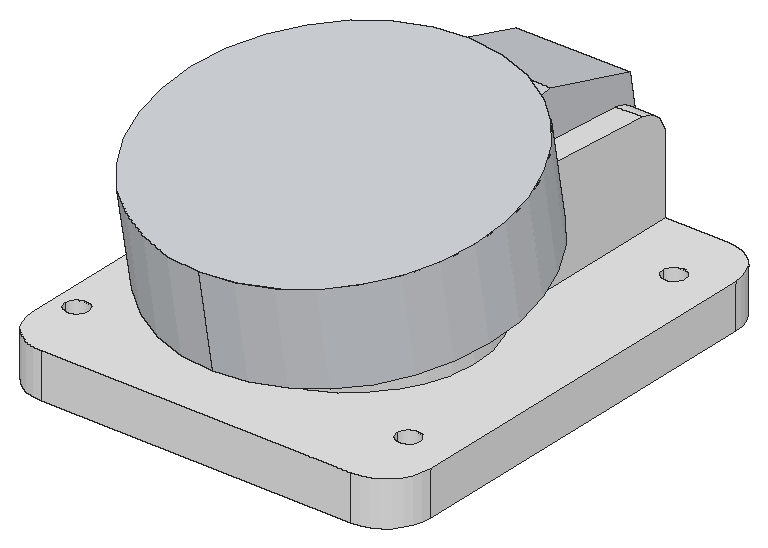
Revit family "Building-ConnessioniIEC309-GEWISS-IEC309HP-PRESA_FISSA_INC_10°_16A_RID", category Apparecchi elettrici, host Superficie, Revit 2019
Family settings
  Host = Superficie
  Mantenere orientamento annotazione = Sì
  Quota connettore circolare = Usa diametro
  Tipo di parte = Normale
  Taglio con vuoti quando caricato = No
  Condiviso = No
  Punto di calcolo locali = Sì
Parameters (values of type "GW62204 - PRESA FISSA 10°INC.PR.2P+T 16A 230V 6H")
  simbolo acceso [instance] = yes
  distanza_simbolo [instance] = 1 mm
  distanza dal piano [instance] = 0 mm
  W = 115 mm  # constant formula
  Voltaggio = 0 V
  Versione file RFA = "21.11"
  URL = "https://www.gewiss.com/it/it"
  Tipologia = "Presa fissa da incasso 10°"
  Tipo Cablaggio = "A vite"
  Termopressione con biglia = "125 °C (Parti attive) - 80 °C (Parti passive)"
  Tensione nominale = "200-250V"
  Temperatura di utilizzo = "-25 +55 °C"
  Spostamento_effettivo_S [instance] = 4000 mm - Spostamento_S  # 3037.5 mm
  Spostamento_S = 962.5 mm
  Sportello_visibile = yes
  Sovraccarico ammissibile = "22A"
  Scheda Tecnica = "https://www.gewiss.com/it/it/search?q=GW62204"
  SPinotto = Default(2)
  SEO = "Presa"
  Riferimento h = "6"
  Resistenza di isolamento = "- 10 M?"
  Resistenza agli urti = "IK08"
  Default Elevation = 1219.2 mm
  Produttore = "GEWISS S.p.A."
  Potere d'interruzione a 1,1 Un = "20A"
  Piastra = Default(2)
  N.poli = 1
  N. poli = "2P+T"
  N. Manovre complessive = "-5000"
  Modello = "GW62204"
  L = 155 mm  # constant formula
  Immagine tipo = (empty or 0)
  IDT = "114b7d9d6d3d4d5c9f204bb7cf775f6c"
  IDF = "afc5be4d-2556-46b5-bc72-00a0011131b5"
  Grado di protezione = "IP44/IP54"
  Glow wire test: = "850 °C (Parti attive) - 650 °C (Parti passive)"
  Frequenza = "50/60 Hz"
  FORMULA = 1000 mm * 1  # 1000 mm
  Dimensioni flangia (mm) = "62x62"
  Descrizione = "PRESA FISSA 10°INC.PR.2P+T 16A 230V 6H"
  Creato da GEWISS S.p.A. = ""
  Corrente nominale (A) = "16"
  Corpo centrale = Default(2)
  Colore: = "Blu"
  Codice Electrocod = "2210"
  Catalogo = "BUILDING"
  CapacitÃ  serraggio morsetti = "1-2,5 mm² cavi flessibili - 1,5-4 mm² cavi rigidi"
  COBie.Tagnumber = ""
  COBie.CreatedOn = ""
  COBie.CreatebBy = ""
  COBie.ComponentRegisterItemID = ""
  COBie.Component.TagNumber = ""
  COBie.Component.Space = ""
  COBie.Component.SerialNumber = ""
  COBie.Component.InstallationDate = ""
  COBie.Component.Description = ""
  COBie.Component.BarCode = ""
  BLOCCO = "B=C"
Reference planes
  plane 1 "Centro (Fronte/Retro)": y = 0
  plane 2: z = 0
  plane 3 "Centro (Sinistra/Destra)": x = 0
  plane 4: x = -3000
  plane 5: x = 37.5
  plane 6: z = 0
Dimensions and locks
  plane 4 to plane 3 "Centro (Sinistra/Destra)" = 3000 mm
  "Spostamento_effettivo_S": plane 4 to plane 5
  "distanza dal piano": plane 6 to plane 2
  aligned and locked: plane 2 to host face
  aligned and locked: level to host face
  aligned and locked: plane 3 "Centro (Sinistra/Destra)" to nested 1
  aligned and locked: plane 1 "Centro (Fronte/Retro)" to nested 1
  aligned and locked: nested 2 to plane 5
Automatic sketch dimensions
  host sketch curve to host sketch curve = 2438.4 mm  (x2)
Nested families
  nested 1: "IEC309 PRESA FISSA INCASSO 10' 16A RID_base" at (0, 0, 0), type "IEC309 PRESA FISSA INCASSO 10' 16A RID_base"
  nested 2: "GWGW62201FH - SIMBOLO_PRESA" at (37.5, 171.559, 0), visible <- "simbolo acceso", Distanza dal muro <- "distanza_simbolo", type "3P"
    with SIMBOLO ACCESO yes, Distanza dal muro 1 mm
Connectors
  electrical at (37.5, 30, 0), driven by "N.poli", driven by "Voltaggio"
    settings: on nested 1, index 1, voltage 0 V, apparent load 0 VA, apparent load phase1 0 VA, apparent load phase2 0 VA, apparent load phase3 0 VA, power factor 1, load classification "Altro", number of poles 1, system type 31, power factor state 1, is connector primary yes, connector utility no, sub classification motor no, connector description ""
Definition of nested family "IEC309 PRESA FISSA INCASSO 10' 16A RID_base"
  Parameters (values of type "IEC309 PRESA FISSA INCASSO 10' 16A RID_base")
    sp_ghiera = 16 mm
    h = 85 mm  # constant formula
    dis_base = 71 mm
    Sportello = yes
    Spinotto = none
    R1 = 22 mm  # constant formula
    PIASTRA = none
    Lunghezza totale = 140 mm
    CENTRALE = none
    Bsae = 72 mm  # constant formula
  Reference planes
    plane 1 "Centro (Fronte/Retro)": y = 0
    plane 2: z = 0
    plane 3 "Centro (Sinistra/Destra)": x = 0
    plane 4: x = 72
    plane 5: x = 4
    plane 6: y = 13
    plane 7: x = 64
    plane 8: y = 73
    plane 9: y = 85
    plane 10: y = 36.5
    plane 11: x = 36
    plane 12: z = 8.057
    plane 13: y = 29
    plane 14: z = 23.239
    plane 15: through (37.5, 29, 1200) normal (-0.766, -0.6428, 0)
    plane 16: through (37.5, 29, 1200) normal (-0.766, 0.6428, 0)
  Forms (mm)
    Extrusion 1, solid, material <- "PIASTRA"
      sketch origin (0, 0, 0) x (1, 0, 0) y (0, 1, 0)
        loop
          arc (8, 85) -> (2.343, 82.657) -> (0, 77) r 8
          line (0, 77) -> (0, 8)
          arc (0, 8) -> (2.343, 2.343) -> (8, 0) r 8
          line (8, 0) -> (64, 0)
          arc (64, 0) -> (69.657, 2.343) -> (72, 8) r 8
          line (72, 8) -> (72, 77)
          arc (72, 77) -> (69.657, 82.657) -> (64, 85) r 8
          line (64, 85) -> (8, 85)
      from 0 to 8.057
    Sweep 2, solid, material <- "PIASTRA"
      path origin (0, 0, 0) x (0, 1, 0) y (0, 0, 1)
        loop
          line (34.307, 18.553) -> (36.569, 6.116)
      profile origin (0, 35.438, 12.334) x (0, 0.983865, 0.17891) y (1, 0, 0)
        loop
          circle (-0.621, 36) r 22
    Extrusion 3, solid, material <- "PIASTRA"
      sketch origin (0, 11.875, 0) x (1, 0, 0) y (0, 1, 0)
        loop
          spline (47.772, 47.955) -> (48.225, 47.698) -> (48.672, 47.433) -> (49.113, 47.158) -> (49.548, 46.874) -> (49.976, 46.582) -> (50.398, 46.281) -> (50.812, 45.972) -> (51.219, 45.654) -> (51.619, 45.329) -> (52.011, 44.995) -> (52.395, 44.654) -> (52.772, 44.305)
          line (52.772, 44.305) -> (52.772, 73) -> (47.772, 73) -> (47.772, 47.955)
      from 8.057 to 31.758
    Extrusion 4, void
      sketch origin (0, 11.875, 0) x (0, 1, 0) y (0, 0, 1)
        loop
          line (73, 31.758) -> (44.305, 31.758) -> (44.305, 28.134) -> (68.064, 26.588)
          arc (68.064, 26.588) -> (71.251, 25.281) -> (73, 22.313) r 5.4
          line (73, 22.313) -> (73, 31.758)
      from 47.772 to 52.772
    Extrusion 5, solid, material <- "PIASTRA"
      sketch origin (75, 11.875, 0) x (-1, 0, 0) y (0, -1, 0)
        loop
          line (49.272, -48.02) -> (49.272, -73) -> (54.272, -73) -> (54.272, -43.697)
          spline (54.272, -43.697) -> (53.906, -44.109) -> (53.53, -44.514) -> (53.145, -44.909) -> (52.749, -45.294) -> (52.345, -45.671) -> (51.931, -46.037) -> (51.509, -46.394) -> (51.077, -46.74) -> (50.638, -47.076) -> (50.19, -47.402) -> (49.735, -47.716) -> (49.272, -48.02)
      from 8.057 to 28.109
    Extrusion 6, void
      sketch origin (75, 11.875, 0) x (0, 1, 0) y (0, 0, -1)
        loop
          line (73, -31.758) -> (73, -19.567)
          arc (73, -19.567) -> (71.497, -23.176) -> (67.952, -24.825) r 5.4
          line (67.952, -24.825) -> (38, -26.775) -> (38, -31.758) -> (73, -31.758)
      from 39.92 to 54.884
    Sweep 7, void
      path origin (0, 0.625, 0) x (0, 1, 0) y (0, 0, 1)
        loop
          line (18.381, 21.548) -> (20.759, 8.057)
      profile origin (0, 20.195, 14.803) x (0, 0.984809, 0.173644) y (1, 0, 0)
        loop
          circle (-1.772, 37.608) r 5
        loop
          circle (10.516, 29.004) r 5
        loop
          circle (10.516, 45.996) r 5
    Sweep 8, solid, visible <- "Sportello"
      path origin (0, 4.703, 0.42) x (0, 0.999986, 0.005351) y (0, -0.005351, 0.999986)
        loop
          line (29.196, 35.942) -> (32.283, 18.43)
      profile origin (0, 35.296, 27.77) x (0, 0.983865, 0.17891) y (1, 0, 0)
        loop
          circle (-2.622, 36) r 31
    Extrusion 9, solid, visible <- "Sportello"
      sketch origin (0, 11.875, -1.562) x (0, 1, 0) y (0, 0, 1)
        loop
          line (46.739, 26.216) -> (68.431, 24.804)
          arc (68.431, 24.804) -> (71.22, 23.59) -> (73.002, 21.123) r 5.761
          arc (73.002, 21.123) -> (73.116, 22.165) -> (73.026, 23.208) r 5.4
          line (73.026, 23.208) -> (71.359, 32.236) -> (53.64, 37.49) -> (45.019, 35.97) -> (46.739, 26.216)
      from 27.228 to 47.772
    Extrusion 10, void
      sketch origin (0, 0, 0) x (1, 0, 0) y (0, 1, 0)
        loop
          circle (4, 73) r 2.072
        loop
          circle (64, 73) r 2.072
        loop
          circle (4, 13) r 2.072
        loop
          circle (64, 13) r 2.072
      from 0 to 8.057
  Cuts and joins
    Sweep 7, Extrusion 10 cuts Extrusion 1
    Sweep 7, Extrusion 10 cuts Sweep 2
    joined: Extrusion 1, Sweep 2
    Extrusion 4, Extrusion 6 cuts Extrusion 3
    Extrusion 6 cuts Extrusion 5
  Dimensions and locks
    "Bsae": plane 3 "Centro (Sinistra/Destra)" to plane 4
    locked: plane 7 to plane 4 at 8
    "h": plane 1 "Centro (Fronte/Retro)" to plane 9
    equal spacing: plane 1 "Centro (Fronte/Retro)", plane 10, plane 8
    equal spacing: plane 3 "Centro (Sinistra/Destra)", plane 11, plane 4
    locked: plane 5 to plane 7 at 60
    locked: plane 8 to plane 6 at 60
    locked: plane 12 to level at 8.057
    plane 1 "Centro (Fronte/Retro)" to plane 13 = 29 mm
    plane 14 to plane 12 = 15.181 mm
    radius of Extrusion 1 sketch curve = 8 mm  (x4)
    "R1": radius of Sweep 2 sketch curve
    aligned and locked: level to plane 2
    aligned and locked: plane 9 to Extrusion 1
    aligned and locked: Extrusion 1 to plane 3 "Centro (Sinistra/Destra)"
    aligned and locked: plane 1 "Centro (Fronte/Retro)" to Extrusion 1
    aligned and locked: Extrusion 1 to plane 4
    aligned and locked: plane 12 to Extrusion 1
    aligned and locked: Extrusion 3 to plane 12
    aligned and locked: Extrusion 4 sketch curve to Extrusion 3  (x2)
    aligned and locked: Extrusion 4 to Extrusion 3  (x2)
    aligned and locked: plane 5 to Extrusion 10 sketch curve  (x2)
    aligned and locked: plane 8 to Extrusion 10 sketch curve  (x2)
    aligned and locked: plane 7 to Extrusion 10 sketch curve  (x2)
    aligned and locked: plane 6 to Extrusion 10 sketch curve  (x2)
    aligned and locked: Extrusion 1 to Extrusion 10
    aligned and locked: plane 11 to Sweep 8 sketch curve
    aligned and locked: plane 11 to Sweep 2 sketch curve
  Automatic sketch dimensions
    Extrusion 1 sketch curve to plane 3 "Centro (Sinistra/Destra)" = 0 mm
    Extrusion 1 sketch curve to plane 7 = 0 mm
    plane 1 "Centro (Fronte/Retro)" to Extrusion 1 sketch curve = 0 mm
    Extrusion 1 sketch curve to plane 9 = 0 mm
    plane 8 to Extrusion 3 sketch curve = 11.875 mm
    plane 11 to Extrusion 3 sketch curve = 11.772 mm
    Extrusion 3 sketch curve to Extrusion 3 sketch curve = 5 mm
    plane 10 to Extrusion 3 sketch curve = 23.33 mm
    Extrusion 3 sketch curve to Extrusion 3 sketch curve = 3.65 mm
    Extrusion 3 sketch curve to plane 11 = 0.8 mm
    plane 13 to Extrusion 3 sketch curve = 10.977 mm
    Extrusion 5 sketch curve to plane 8 = 11.875 mm
    plane 11 to Extrusion 5 sketch curve = 10.272 mm
    Extrusion 5 sketch curve to Extrusion 5 sketch curve = 5 mm
    Extrusion 5 sketch curve to plane 10 = 23.395 mm
    Extrusion 5 sketch curve to Extrusion 5 sketch curve = 4.323 mm
    Extrusion 5 sketch curve to plane 13 = 11.891 mm
    Extrusion 5 sketch curve to plane 11 = 2.244 mm
    plane 8 to Extrusion 6 sketch curve = 11.875 mm
    plane 8 to Extrusion 6 sketch curve = 6.827 mm
    Extrusion 6 sketch curve to plane 14 = 3.802 mm
    plane 8 to Extrusion 6 sketch curve = 6.477 mm
    plane 10 to Extrusion 6 sketch curve = 13.375 mm
    Extrusion 6 sketch curve to plane 14 = 3.672 mm
    plane 14 to Extrusion 6 sketch curve = 3.536 mm
    Extrusion 6 sketch curve to Extrusion 6 sketch curve = 6.933 mm
    Extrusion 4 sketch curve to plane 14 = 2.04 mm
    plane 8 to Extrusion 4 sketch curve = 6.591 mm
    plane 8 to Extrusion 4 sketch curve = 6.939 mm
    Extrusion 4 sketch curve to plane 14 = 0.925 mm
    Extrusion 4 sketch curve to Extrusion 4 sketch curve = 3.624 mm
    Sweep 7 sketch curve to plane 12 = 0 mm
    Sweep 7 sketch curve to plane 14 = 1.691 mm
    plane 6 to Sweep 7 sketch curve = 6.006 mm
    plane 6 to Sweep 7 sketch curve = 8.384 mm
    profile plane to Sweep 7 sketch curve = 1.772 mm
    Sweep 7 sketch curve to profile plane = 10.516 mm  (x2)
    plane 3 "Centro (Sinistra/Destra)" to Sweep 7 sketch curve = 29.004 mm
    Sweep 7 sketch curve to Sweep 7 sketch curve = 8.604 mm
    Sweep 7 sketch curve to Sweep 7 sketch curve = 8.388 mm
    profile plane to Sweep 8 sketch curve = 2.622 mm
    Extrusion 9 sketch curve to Extrusion 9 sketch curve = 1.72 mm
    Extrusion 9 sketch curve to Extrusion 9 sketch curve = 8.621 mm
    Extrusion 9 sketch curve to Extrusion 9 sketch curve = 0.109 mm
    plane 8 to Extrusion 9 sketch curve = 10.234 mm
    Extrusion 9 sketch curve to plane 14 = 2.574 mm
    Extrusion 9 sketch curve to Extrusion 9 sketch curve = 3.125 mm
    plane 14 to Extrusion 9 sketch curve = 7.435 mm
    plane 14 to Extrusion 9 sketch curve = 1.415 mm
    Extrusion 9 sketch curve to Extrusion 9 sketch curve = 0.715 mm
    plane 14 to Extrusion 9 sketch curve = 0.003 mm
    plane 8 to Extrusion 9 sketch curve = 11.877 mm
    plane 8 to Extrusion 9 sketch curve = 11.901 mm
    Extrusion 9 sketch curve to plane 14 = 1.593 mm
    plane 10 to Extrusion 9 sketch curve = 29.015 mm
    Extrusion 9 sketch curve to Extrusion 9 sketch curve = 9.754 mm
    plane 13 to Sweep 8 sketch curve = 4.706 mm
    plane 14 to Sweep 8 sketch curve = 13.279 mm
    Sweep 8 sketch curve to Sweep 8 sketch curve = 3.088 mm
    Sweep 8 sketch curve to Sweep 8 sketch curve = 17.512 mm
    Sweep 2 sketch curve to plane 10 = 2.193 mm
    plane 10 to Sweep 2 sketch curve = 0.069 mm
    Sweep 2 sketch curve to plane 12 = 1.942 mm
    Sweep 2 sketch curve to plane 14 = 4.686 mm
    plane 8 to Extrusion 4 sketch curve = 11.875 mm
    profile plane to Sweep 2 sketch curve = 0.621 mm
    radius of Sweep 7 sketch curve = 5 mm  (x3)
    radius of Extrusion 10 sketch curve = 2.072 mm  (x4)
    radius of Sweep 8 sketch curve = 31 mm
Definition of nested family "GWGW62201FH - SIMBOLO_PRESA"
  Parameters (values of type "3P")
    SIMBOLO ACCESO [instance] = yes
    Distanza dal muro [instance] = 0 mm
  Reference planes
    plane 1: y = 0
    plane 2: x = 0
  Dimensions and locks
    "Distanza dal muro": plane 1 to nested 1
    aligned and locked: plane 2 to nested 1
  Nested families
    nested 1: "GWGW62201FH - SIMBOLO" at (0, 0, 0), visible <- "SIMBOLO ACCESO", type "3P"
  Definition of nested family "GWGW62201FH - SIMBOLO"
    Parameters (values of type "3P")
      CORNICE SIMBOLO [instance] = yes
      3P = yes
    Reference planes
      plane 1: y = 0
      plane 2: x = 0
    Lines and regions (mm)
      detail lines
        curve 1: circle (-0.314, 0.674, 0) r 0.057 normal (0, 0, 1)
        curve 2: arc (0.346, -0.009, 0) -> (0, 0.337, 0) -> (-0.346, -0.009, 0) r 0.346
        curve 3: line (0, 0.337, 0) -> (0.346, 0.337, 0)
        curve 4: line (0, 3.386, 0) -> (0, 0.337, 0)
        curve 5: line (0, 0.337, 0) -> (-0.314, 0.674, 0)
